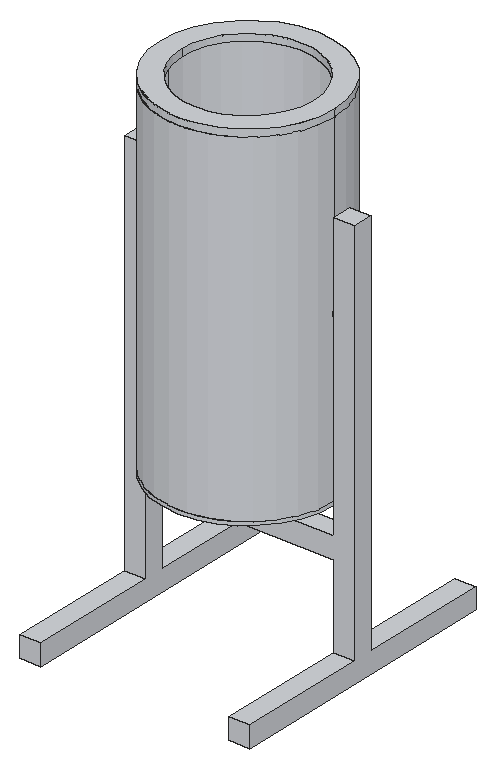
Revit family "Урна УТ2-250Н", category Антураж, Revit 2017
Family settings
  На основе рабочей плоскости = Нет
  Всегда вертикально = Да
  При загрузке вырезать с полостями = Нет
  Источник визуального образа = Геометрия семейства
  Общий = Нет
  Точка расчета площади = Нет
Parameters (values of type "УТ2-250Н")
  Стоимость = 2500
  Изготовитель = "ООО «Хоббика»"
  Высота = 0 mm
  URL = "https://hobbyka.ru/product/urna_ut2250n/"
  ADSK_Размер_Ширина = 330 mm
  ADSK_Размер_Длина = 405 mm
  ADSK_Размер_Диаметр = 250 mm
  ADSK_Размер_Глубина = 510 mm
  ADSK_Размер_Высота = 720 mm
  ADSK_Объем = 25.00 m³
  ADSK_Наименование = "Урна УТ2-250H"
  ADSK_Материал держателя = none
  ADSK_Материал ведра = none
  ADSK_Масса = 5.40 kg
  ADSK_Код изделия = "9358"
Reference planes
  plane 1 "По центру (Вперед/Назад)": y = 0
  plane 2: z = 0
  plane 3 "По центру (Влево/Вправо)": x = 0
  plane 4: z = 720
Forms (mm)
  Extrusion 1, solid
    sketch origin (0, 0, 0) x (1, 0, 0) y (0, 1, 0)
      loop
        circle (0, 0) r 125
      loop
        circle (0, 0) r 115
    from 210 to 710
  Extrusion 2, solid, material <- "ADSK_Материал держателя"
    sketch origin (0, 0, 0) x (1, 0, 0) y (0, 0, 1)
      loop
        line (-135, 30) -> (-165, 30) -> (-165, 0) -> (-135, 0) -> (-135, 30)
      loop
        line (165, 30) -> (135, 30) -> (135, 0) -> (165, 0) -> (165, 30)
    from 202.5 to -202.5
  Extrusion 3, solid, material <- "ADSK_Материал держателя"
    sketch origin (0, 0, 0) x (1, 0, 0) y (0, 0, 1)
      loop
        line (165, 30) -> (165, 590) -> (135, 590) -> (135, 180) -> (-135, 180) -> (-135, 590) -> (-165, 590) -> (-165, 30) -> (-135, 30) -> (-135, 150) -> (135, 150) -> (135, 30) -> (165, 30)
    from -15 to 15
  Extrusion 4, solid, material <- "ADSK_Материал ведра"
    sketch origin (0, 0, 0) x (1, 0, 0) y (0, 1, 0)
      loop
        circle (0, 0) r 125
      loop
        circle (0, 0) r 95
    from 710 to 720
  Extrusion 5, solid, material <- "ADSK_Материал держателя"
    sketch origin (0, 0, 0) x (0, 1, 0) y (0, 0, 1)
      loop
        circle (0, 458.927) r 5
    from 135 to 125.013
  Extrusion 6, solid, material <- "ADSK_Материал держателя"
    sketch origin (-307.475, 0, 0) x (0, 1, 0) y (0, 0, 1)
      loop
        circle (0, 458.927) r 5
    from 172.475 to 182.475
  Extrusion 7, solid
    sketch origin (0, 0, 0) x (1, 0, 0) y (0, 1, 0)
      loop
        circle (0, 0) r 125
    from 210 to 215
Cuts and joins
  joined: Extrusion 2, Extrusion 3
  joined: Extrusion 1, Extrusion 7
Dimensions and locks
  Extrusion 2 to Extrusion 2 = 405 mm
  "ADSK_Размер_Высота": plane 4 to level
  cut or joined group of Extrusion 2, Extrusion 3 to cut or joined group of Extrusion 2, Extrusion 3 = 330 mm
  aligned and locked: level to plane 2
  aligned and locked: plane 4 to Extrusion 4
Automatic sketch dimensions
  Extrusion 2 sketch curve to level = 0 mm  (x2)
  level to Extrusion 2 sketch curve = 30 mm  (x2)
  Extrusion 2 sketch curve to plane 3 "По центру (Влево/Вправо)" = 165 mm
  Extrusion 2 sketch curve to Extrusion 2 sketch curve = 30 mm  (x2)
  plane 3 "По центру (Влево/Вправо)" to Extrusion 2 sketch curve = 135 mm
  level to Extrusion 3 sketch curve = 30 mm  (x2)
  Extrusion 3 sketch curve to plane 3 "По центру (Влево/Вправо)" = 165 mm
  Extrusion 3 sketch curve to plane 4 = 130 mm  (x2)
  Extrusion 3 sketch curve to Extrusion 3 sketch curve = 30 mm  (x4)
  plane 3 "По центру (Влево/Вправо)" to Extrusion 3 sketch curve = 135 mm
  Extrusion 3 sketch curve to Extrusion 3 sketch curve = 0 mm
  Extrusion 3 sketch curve to Extrusion 3 sketch curve = 120 mm
  Extrusion 5 sketch curve to plane 1 "По центру (Вперед/Назад)" = 0 mm
  Extrusion 5 sketch curve to plane 4 = 261.073 mm
  Extrusion 6 sketch curve to plane 1 "По центру (Вперед/Назад)" = 0 mm
  Extrusion 6 sketch curve to plane 4 = 261.073 mm
  plane 1 "По центру (Вперед/Назад)" to Extrusion 1 sketch curve = 0 mm
  Extrusion 1 sketch curve to plane 3 "По центру (Влево/Вправо)" = 0 mm
  Extrusion 1 sketch curve to Extrusion 1 sketch curve = 0 mm  (x2)
  plane 1 "По центру (Вперед/Назад)" to Extrusion 4 sketch curve = 0 mm
  Extrusion 4 sketch curve to plane 3 "По центру (Влево/Вправо)" = 0 mm
  Extrusion 4 sketch curve to Extrusion 4 sketch curve = 0 mm  (x2)
  Extrusion 7 sketch curve to Extrusion 7 sketch curve = 0 mm  (x2)
  plane 1 "По центру (Вперед/Назад)" to Extrusion 7 sketch curve = 0 mm
  Extrusion 7 sketch curve to plane 3 "По центру (Влево/Вправо)" = 0 mm
  Extrusion 7 sketch curve to plane 3 "По центру (Влево/Вправо)" = 125 mm
  radius of Extrusion 1 sketch curve = 125 mm
  radius of Extrusion 4 sketch curve = 125 mm
  radius of Extrusion 5 sketch curve = 5 mm
  radius of Extrusion 6 sketch curve = 5 mm
  radius of Extrusion 1 sketch curve = 115 mm
  radius of Extrusion 4 sketch curve = 95 mm
